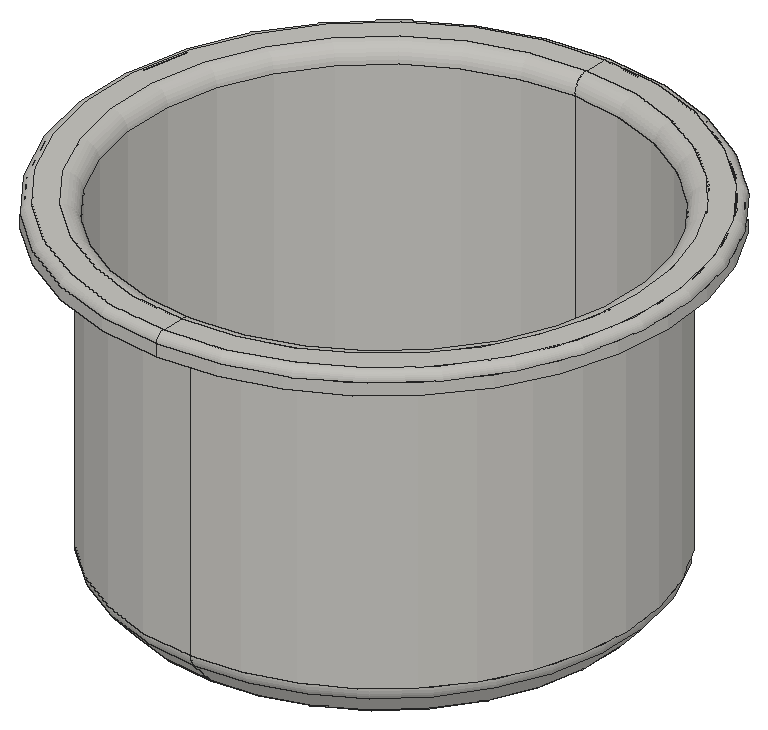
Revit family "Sink-Drop_In_Lavatory-KALLISTA-Monte_Carlo-P20283-1", category Plumbing Fixtures, host Face, Revit 2022
Family settings
  Host = Face
  Round Connector Dimension = Use Diameter
  Part Type = Normal
  OmniClass Number = 23.31.13.00
  Cut with Voids When Loaded = No
  Maintain Annotation Orientation = No
  Shared = No
  Room Calculation Point = No
Parameters (values of type "AG-Brushed Nickel")
  Width = 14.01575"  # constant formula
  WaterSense Certified = 1 = 0  # no
  Waste Water Outlet = "Waste Water Outlet"  # constant formula
  Waste Connection = 1 = 1  # yes
  Vent Connection = 1 = 0  # no
  URL = "https://www.kallista.com/"
  Type = 2
  Product Page URL = ""
  Product Name = "Monte Carlo"  # constant formula
  Product Documentation Link = "https://techcomm.kohler.com/techcomm/pdf/P20283-00_spec_US-CA_Kallista_en.pdf"
  Model = if(Type = 1, "P20283-00-AD", if(Type = 2, "P20283-00-AG", "NA"))  # "P20283-00-AG"
  Material = "Premium Metal Construction"  # constant formula
  Master Format 2014 Name = "Residential Lavatories and Sinks"  # constant formula
  Master Format 2014 = "22 41 16"  # constant formula
  Manufacturer Address = "444 Highland Dr, Kohler, WI 53044"  # constant formula
  Manufacturer = "Kohler Co."  # constant formula
  Length = 14.01575"  # constant formula
  Hot Water Inlet = "Hot Water Inlet"  # constant formula
  Height = 9.01575"  # constant formula
  HW Connection = 1 = 0  # no
  Finish = Kallista-Metal-AG-Brushed_Nickel
  Environmental Product Declaration = ""
  Drain Included = 1 = 0  # no
  Description = "11 RND Bar Sink - AD 12.5 X 15"  # constant formula
  Default Elevation = 36"
  Declare Label = ""
  Date Modified = "05/19/2025"  # constant formula
  Date Created = "05/19/2025"  # constant formula
  Copyright = "Copyright Kohler Co."  # constant formula
  Contact Us = "https://www.kallista.com/corporate/contact-us/"
  Cold Water Inlet = "Cold Water Inlet"  # constant formula
  CW Connection = 1 = 0  # no
  Assembly Code = "D2010400"
  ADA Compliant = 1 = 0  # no
Types (3): name | Type | Product Page URL | Model | Finish
  (no name) | 2 | "" | "P20283-00-AG" | Kallista-Metal-AG-Brushed_Nickel
  AD-Nickel Silver | 1 | "https://www.kallista.com/products/luxury-kitchen/kitchen-sinks/kitchen-sink/monte-carlo-ii-12-12-round-bar-sink-p20283-00" | "P20283-00-AD" | Kallista-Metal-AD-Nickel_Silver
  AG-Brushed Nickel | 2 | "" | "P20283-00-AG" | Kallista-Metal-AG-Brushed_Nickel
Reference planes (in)
  plane 1 "Center (Front/Back)": y = 0
  plane 2: z = 0
  plane 3 "Center (Left/Right)": x = 0
  plane 4: y = 7.00787
  plane 5: y = 5.96457
  plane 6: y = 1.37795
  plane 7: y = 0.86614
  plane 8: y = -0.86614
  plane 9: y = -1.37795
  plane 10: y = -5.96457
  plane 11: y = -7.00787
  plane 12: x = -7.00787
  plane 13: x = -5.96457
  plane 14: x = -1.37795
  plane 15: x = -0.86614
  plane 16: x = 0.86614
  plane 17: x = 1.37795
  plane 18: x = 5.96457
  plane 19: x = 7.00787
  plane 20: z = -8.16142
  plane 21: z = 0
  plane 22: z = 0.5
  plane 23: z = -8.51575
Forms (in)
  Extrusion 1, void
    sketch origin (0, 0, 0) x (1, 0, 0) y (0, 1, 0)
      loop
        circle (0, 0) r 5.96457
    from -8.51575 to 0
Dimensions and locks (in)
  "Length": plane 12 to plane 19
  plane 3 "Center (Left/Right)" to plane 19 = 7.00787"
  plane 1 "Center (Front/Back)" to plane 4 = 7.00787"
  plane 13 to plane 18 = 11.92913"
  plane 22 to plane 20 = 8.66142"
  "Height": plane 22 to plane 23
  plane 15 to plane 16 = 1.73228"
  plane 14 to plane 17 = 2.75591"
  level to plane 22 = 1/2"
  "Width": plane 4 to plane 11
  aligned and locked: plane 2 to host face
  aligned and locked: level to host face
  aligned and locked: plane 3 "Center (Left/Right)" to nested 1
  aligned and locked: plane 1 "Center (Front/Back)" to nested 1
  aligned and locked: plane 3 "Center (Left/Right)" to Extrusion 1 sketch curve
  aligned and locked: plane 1 "Center (Front/Back)" to Extrusion 1 sketch curve
  aligned and locked: level to Extrusion 1
  aligned and locked: plane 23 to Extrusion 1
Automatic sketch dimensions
  host sketch curve to host sketch curve = 96"  (x2)
  radius of Extrusion 1 sketch curve = 5.96457"
Nested families (in)
  nested 1: "P20283" at (0, 0, -8.51575), type "P20283"
Connectors (in)
  piping at (0, 0, -8.51575), diameter 1.25197, driven by "Waste Connection", driven by "Waste Water Outlet"
    settings: on nested 1, index 1, connector inside diameter 24", connector length 0", flow factor 0, pipe flow 0 GPM, pressure drop 0.00 psi, fitting loss kfactor 0, connector angle 0.00°, fixture units 0, engagement length 0", angle of deflection 0.00°, flow configuration 0, flow direction 2, fitting loss method 0, system type 16, joint type 0, gender type 0, connector reference index -1, connector utility 1, adjustable connector no, is connector primary yes, connector description "Waste Water Outlet"
Definition of nested family "P20283"
  Parameters
    Material = none
    Default Elevation = 0"
  Reference planes (in)
    plane 1 "Center (Front/Back)": y = 0
    plane 2: z = 0
    plane 3 "Center (Left/Right)": x = 0
    plane 4: z = 9.01575
    plane 5: z = 0.35433
    plane 6: z = 8.51575
    plane 7: x = 7.00787
    plane 8: x = -7.00787
    plane 9: y = 7.00787
    plane 10: y = -7.00787
    plane 11: x = -5.96457
    plane 12: x = 5.96457
    plane 13: y = 5.96457
    plane 14: y = -5.96457
    plane 15: x = -0.86614
    plane 16: x = 0.86614
    plane 17: y = 0.86614
    plane 18: y = -0.86614
    plane 19: y = 1.37795
    plane 20: y = -1.37795
    plane 21: x = -1.37795
    plane 22: x = 1.37795
    plane 23: z = 0
    plane 24: z = 0
  Forms (in)
    Revolve 1, solid, material <- "Material", detail levels medium+fine
      sketch origin (0, 0, 0) x (0, 1, 0) y (0, 0, 1)
        loop
          line (5.96457, 1.46828) -> (5.96457, 8.64744)
          arc (5.96457, 8.64744) -> (6.04501, 8.84166) -> (6.23923, 8.9221) r 0.27466
          line (6.23923, 8.9221) -> (6.82781, 8.9221)
          arc (6.82781, 8.9221) -> (6.91203, 8.88722) -> (6.94691, 8.803) r 0.1191
          line (6.94691, 8.803) -> (6.94691, 8.51575) -> (7.00787, 8.51575) -> (7.00787, 8.79921)
          arc (7.00787, 8.79921) -> (6.94445, 8.95233) -> (6.79134, 9.01575) r 0.21654
          line (6.79134, 9.01575) -> (6.24231, 9.01575)
          arc (6.24231, 9.01575) -> (5.9624, 8.8998) -> (5.84646, 8.61989) r 0.39586
          line (5.84646, 8.61989) -> (5.84646, 1.41907)
          arc (5.84646, 1.41907) -> (5.8276, 1.31889) -> (5.77362, 1.23241) r 0.27559
          line (5.77362, 1.23241) -> (5.28834, 0.70527)
          arc (5.28834, 0.70527) -> (5.25495, 0.68051) -> (5.2148, 0.66979) r 0.11083
          line (5.2148, 0.66979) -> (1.37267, 0.3918)
          arc (1.37267, 0.3918) -> (1.21931, 0.33215) -> (1.12606, 0.19657) r 0.27958
          arc (1.12606, 0.19657) -> (1.06008, 0.10424) -> (0.95225, 0.0689) r 0.18215
          line (0.95225, 0.0689) -> (0, 0.0689) -> (0, 0) -> (0.93769, 0)
          arc (0.93769, 0) -> (0.9916, 0.03974) -> (1.05127, 0.07015) r 0.40926
          arc (1.05127, 0.07015) -> (1.16691, 0.14109) -> (1.2542, 0.24494) r 0.42377
          arc (1.2542, 0.24494) -> (1.30812, 0.29962) -> (1.38119, 0.32321) r 0.16147
          line (1.38119, 0.32321) -> (5.21655, 0.60071)
          arc (5.21655, 0.60071) -> (5.30571, 0.62451) -> (5.37983, 0.67947) r 0.24606
          line (5.37983, 0.67947) -> (5.86052, 1.20163)
          arc (5.86052, 1.20163) -> (5.93763, 1.32517) -> (5.96457, 1.46828) r 0.3937
        axis (0, 0) -> (0, 9.01575)
      angle from 0 to 360
    Revolve 2, solid, detail levels medium+fine
      sketch origin (0, 0, 0) x (0, 1, 0) y (0, 0, 1)
        loop
          line (0, 0) -> (0.45354, 0) -> (0.45354, 0.19218)
          arc (0.45354, 0.19218) -> (0.46749, 0.22585) -> (0.50116, 0.23979) r 0.04761
          line (0.50116, 0.23979) -> (0.73062, 0.23979)
          arc (0.73062, 0.23979) -> (0.74882, 0.2458) -> (0.75989, 0.26145) r 0.0306
          line (0.75989, 0.26145) -> (0.76902, 0.29134)
          arc (0.76902, 0.29134) -> (0.76726, 0.30721) -> (0.75451, 0.31681) r 0.02015
          arc (0.75451, 0.31681) -> (0.37993, 0.38606) -> (0, 0.41351) r 3.44312
          line (0, 0.41351) -> (0, 0)
        axis (0, 0) -> (0, 0.41351)
      angle from 0 to 360
    Revolve 3, void
      sketch origin (0, 0, 0) x (0, 1, 0) y (0, 0, 1)
        loop
          line (0, -0.23302) -> (0.45354, -0.23302) -> (0.45354, 0.19218)
          arc (0.45354, 0.19218) -> (0.46749, 0.22585) -> (0.50116, 0.23979) r 0.04761
          line (0.50116, 0.23979) -> (0.73062, 0.23979)
          arc (0.73062, 0.23979) -> (0.74882, 0.2458) -> (0.75989, 0.26145) r 0.0306
          line (0.75989, 0.26145) -> (0.76902, 0.29134)
          arc (0.76902, 0.29134) -> (0.76726, 0.30721) -> (0.75451, 0.31681) r 0.02015
          arc (0.75451, 0.31681) -> (0.37993, 0.38606) -> (0, 0.41351) r 3.44312
          line (0, 0.41351) -> (0, -0.23302)
        axis (0, -0.23302) -> (0, 0.41351)
      angle from 0 to 360
    Extrusion 4, solid, material <- "Material", detail levels coarse
      sketch origin (0, 0, 0) x (1, 0, 0) y (0, 1, 0)
        loop
          circle (0, 0) r 5.96457
        loop
          circle (0, 0) r 5.31496
      from 0 to 8.51575
    Extrusion 5, solid, material <- "Material", detail levels coarse
      sketch origin (0, 0, 0) x (1, 0, 0) y (0, 1, 0)
        loop
          circle (0, 0) r 5.31496
      from 0 to 0.23366
    Extrusion 6, solid, material <- "Material", detail levels coarse
      sketch origin (0, 0, 0) x (1, 0, 0) y (0, 1, 0)
        loop
          circle (0, 0) r 5.31496
        loop
          circle (0, 0) r 7.00787
      from 8.51575 to 9.01809
  Cuts and joins
    Revolve 3 cuts Revolve 1
    joined: Extrusion 4, Extrusion 5, Extrusion 6
  Lines and regions (in)
    Masking region 1
      outline origin (0, 0, 0) x (1, 0, 0) y (0, 0, 1)
        loop
          line (0, 9.01575) -> (-6.85039, 9.01575)
          arc (-6.85039, 9.01575) -> (-6.96175, 8.96962) -> (-7.00787, 8.85827) r 0.15748
          line (-7.00787, 8.85827) -> (-7.00787, 8.51575) -> (-5.96457, 8.51575) -> (-5.96457, 1.41152)
          arc (-5.96457, 1.41152) -> (-5.9518, 1.34178) -> (-5.91515, 1.28109) r 0.19685
          line (-5.91515, 1.28109) -> (-5.39011, 0.68759)
          arc (-5.39011, 0.68759) -> (-5.31192, 0.62778) -> (-5.21695, 0.60192) r 0.25591
          line (-5.21695, 0.60192) -> (-1.4012, 0.32524)
          arc (-1.4012, 0.32524) -> (-1.30957, 0.29616) -> (-1.24105, 0.22872) r 0.20644
          arc (-1.24105, 0.22872) -> (-1.14779, 0.12406) -> (-1.02506, 0.05633) r 0.41578
          arc (-1.02506, 0.05633) -> (-0.97816, 0.0334) -> (-0.93804, 0) r 0.21836
          line (-0.93804, 0) -> (0, 0) -> (0.93804, 0)
          arc (0.93804, 0) -> (0.97816, 0.0334) -> (1.02506, 0.05633) r 0.21836
          arc (1.02506, 0.05633) -> (1.14779, 0.12406) -> (1.24105, 0.22872) r 0.41578
          arc (1.24105, 0.22872) -> (1.30957, 0.29616) -> (1.4012, 0.32524) r 0.20644
          line (1.4012, 0.32524) -> (5.21695, 0.60192)
          arc (5.21695, 0.60192) -> (5.31192, 0.62778) -> (5.39011, 0.68759) r 0.25591
          line (5.39011, 0.68759) -> (5.91515, 1.28109)
          arc (5.91515, 1.28109) -> (5.9518, 1.34178) -> (5.96457, 1.41152) r 0.19685
          line (5.96457, 1.41152) -> (5.96457, 8.51575) -> (7.00787, 8.51575) -> (7.00787, 8.85827)
          arc (7.00787, 8.85827) -> (6.96175, 8.96962) -> (6.85039, 9.01575) r 0.15748
          line (6.85039, 9.01575) -> (0, 9.01575)
    Masking region 2
      outline origin (0, 0, 0) x (1, 0, 0) y (0, 1, 0)
        loop
          circle (0, 0) r 7.00787
    Masking region 3
      outline origin (0, 0, 0) x (0, 1, 0) y (0, 0, 1)
        loop
          line (0, 9.01575) -> (-6.79134, 9.01575)
          arc (-6.79134, 9.01575) -> (-6.94445, 8.95233) -> (-7.00787, 8.79921) r 0.21654
          line (-7.00787, 8.79921) -> (-7.00787, 8.51575) -> (-5.96457, 8.51575) -> (-5.96457, 1.46828)
          arc (-5.96457, 1.46828) -> (-5.93763, 1.32517) -> (-5.86052, 1.20163) r 0.3937
          line (-5.86052, 1.20163) -> (-5.37983, 0.67947)
          arc (-5.37983, 0.67947) -> (-5.30571, 0.62451) -> (-5.21655, 0.60071) r 0.24606
          line (-5.21655, 0.60071) -> (-1.38119, 0.32321)
          arc (-1.38119, 0.32321) -> (-1.30812, 0.29962) -> (-1.2542, 0.24494) r 0.16147
          arc (-1.2542, 0.24494) -> (-1.16691, 0.14109) -> (-1.05127, 0.07015) r 0.42377
          arc (-1.05127, 0.07015) -> (-0.9916, 0.03974) -> (-0.93769, 0) r 0.40926
          line (-0.93769, 0) -> (0, 0) -> (0.93769, 0)
          arc (0.93769, 0) -> (0.9916, 0.03974) -> (1.05127, 0.07015) r 0.40926
          arc (1.05127, 0.07015) -> (1.16691, 0.14109) -> (1.2542, 0.24494) r 0.42377
          arc (1.2542, 0.24494) -> (1.30812, 0.29962) -> (1.38119, 0.32321) r 0.16147
          line (1.38119, 0.32321) -> (5.21655, 0.60071)
          arc (5.21655, 0.60071) -> (5.30571, 0.62451) -> (5.37983, 0.67947) r 0.24606
          line (5.37983, 0.67947) -> (5.86052, 1.20163)
          arc (5.86052, 1.20163) -> (5.93763, 1.32517) -> (5.96457, 1.46828) r 0.3937
          line (5.96457, 1.46828) -> (5.96457, 8.51575) -> (7.00787, 8.51575) -> (7.00787, 8.79921)
          arc (7.00787, 8.79921) -> (6.94445, 8.95233) -> (6.79134, 9.01575) r 0.21654
          line (6.79134, 9.01575) -> (0, 9.01575)
    symbolic lines, detail levels medium+fine
      curve 1: line (-7.00787, 0, 8.85827) -> (7.00787, 0, 8.85827)
      curve 2: line (-5.96457, 0, 8.51575) -> (5.96457, 0, 8.51575)
      curve 3: line (-5.96457, 0, 1.41152) -> (5.96457, 0, 1.41152)
      curve 4: line (-5.91515, 0, 1.28109) -> (5.91515, 0, 1.28109)
      curve 5: line (-5.39011, 0, 0.68759) -> (5.39011, 0, 0.68759)
      curve 6: line (-5.21695, 0, 0.60192) -> (5.21695, 0, 0.60192)
      curve 7: line (-1.4012, 0, 0.32524) -> (1.4012, 0, 0.32524)
      curve 8: line (-1.24105, 0, 0.22872) -> (1.24105, 0, 0.22872)
      curve 9: line (-1.02506, 0, 0.05633) -> (1.02506, 0, 0.05633)
      curve 10: circle (0, 0, 0) r 6.83667 normal (0, 0, 1)
      curve 11: circle (0, 0, 0) r 6.15436 normal (0, 0, 1)
      curve 12: circle (0, 0, 0) r 5.96457 normal (0, 0, 1)
      curve 13: circle (0, 0, 0) r 5.31496 normal (0, 0, 1)
      curve 14: circle (0, 0, 0) r 5.16191 normal (0, 0, 1)
      curve 15: circle (0, 0, 0) r 1.40457 normal (0, 0, 1)
      curve 16: circle (0, 0, 0) r 1.25 normal (0, 0, 1)
      curve 17: circle (0, 0, 0) r 0.775 normal (0, 0, 1)
      curve 18: circle (0, 0, 0) r 0.75 normal (0, 0, 1)
      curve 19: line (0, 7.00787, 8.79921) -> (0, 0, 8.79921)
      curve 20: line (0, 5.96457, 8.51575) -> (0, 0, 8.51575)
      curve 21: line (0, 5.96457, 1.46828) -> (0, 0, 1.46828)
      curve 22: line (0, 5.86052, 1.20163) -> (0, 0, 1.20163)
      curve 23: line (0, 5.37983, 0.67947) -> (0, 0, 0.67947)
      curve 24: line (0, 5.21655, 0.60071) -> (0, 0, 0.38941)
      curve 25: line (0, 1.38119, 0.32321) -> (0, 0, 0.32321)
      curve 26: line (0, 1.2542, 0.24494) -> (0, 0, 0.24494)
      curve 27: line (0, 1.05127, 0.07015) -> (0, 0, 0.07015)
      curve 28: line (0, -7.00787, 8.79921) -> (0, 0, 8.79921)
      curve 29: line (0, -5.96457, 8.51575) -> (0, 0, 8.51575)
      curve 30: line (0, -5.96457, 1.46828) -> (0, 0, 1.46828)
      curve 31: line (0, -5.86052, 1.20163) -> (0, 0, 1.20163)
      curve 32: line (0, -5.37983, 0.67947) -> (0, 0, 0.67947)
      curve 33: line (0, -5.21655, 0.60071) -> (0, 0, 0.38941)
      curve 34: line (0, -1.38119, 0.32321) -> (0, 0, 0.32321)
      curve 35: line (0, -1.2542, 0.24494) -> (0, 0, 0.24494)
      curve 36: line (0, -1.05127, 0.07015) -> (0, 0, 0.07015)
  Dimensions and locks (in)
    aligned and locked: plane 2 to level
